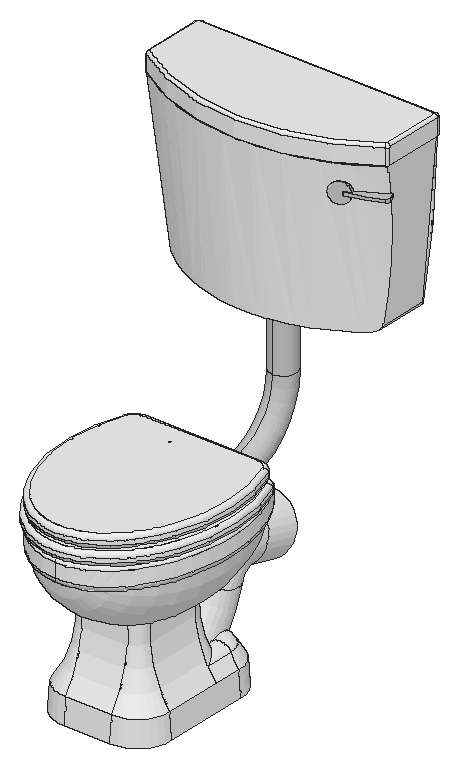
Revit family
Parameters
  Width = 430 mm  # constant formula
  Waste Connection Radius = Waste Connection Diameter / 2  # 51 mm
  Waste Connection = 1 = 1  # yes
  Vent Connection = 1 = 0  # no
  URL = "www.vaalsan.co.za"
  Seat Finish = Plastic-Vaal-White
  Product Code = "751358"
  Omniclass Title = "Water Operated Water Closets"
  Omniclass Number = "23.45.05.21.11.11"
  Model = "Junior Low Level Suite"
  Manufacturer = "Vaal Sanitaryware"  # constant formula
  Length = 570 mm  # constant formula
  Height of Pan = 305 mm  # constant formula
  Height = 825 mm  # constant formula
  HW Connection = 1 = 0  # no
  Family created by = "www.rbuiltcomponents.com"
  Cold Water Connection Diameter = 10 mm  # constant formula
  Waste Connection Diameter = 102 mm  # constant formula
  Clearance From Wall = 10 mm
  CW Connection Radius = Cold Water Connection Diameter / 2  # 5 mm
  CW Connection = 1 = 1  # yes
  Body Finish = Vitreous China-Vaal-White
  Assembly Code = "D2010110"
Reference planes
  plane 1 "Back": y = 0
  plane 2 "Bottom": z = 0
  plane 3 "Center (Left/Right)": x = 0
  plane 4 "WC Back": y = -10
  plane 5 "Right": x = 215
  plane 6 "Left": x = -215
  plane 7: y = -190
  plane 8 "Front": y = -580
  plane 9 "Top": z = 825
  plane 10 "Pan Top": z = 305
  plane 11: y = -245
  plane 12: y = -515
  plane 13: x = -100
  plane 14: x = 100
  plane 15: x = -140
  plane 16: x = 140
  plane 17 "P2": z = 285
Dimensions and locks
  "Clearance From Wall": plane 4 "WC Back" to plane 1 "Back"
  equal spacing: plane 6 "Left", plane 3 "Center (Left/Right)", plane 5 "Right"
  locked: plane 6 "Left" to plane 5 "Right" at 430
  locked: plane 7 to plane 4 "WC Back" at 180
  locked: plane 10 "Pan Top" to plane 2 "Bottom" at 305
  locked: plane 9 "Top" to plane 2 "Bottom" at 825
  plane 12 to plane 11 to plane 4 "WC Back" = 270 mm locked, 235 mm locked
  locked: plane 8 "Front" to plane 4 "WC Back" at 570
  equal spacing: plane 15, plane 3 "Center (Left/Right)", plane 16
  equal spacing: plane 13, plane 3 "Center (Left/Right)", plane 14
  locked: plane 13 to plane 14 at 200
  locked: plane 15 to plane 16 at 280
  locked: plane 10 "Pan Top" to plane 17 "P2" at 20
  locked: plane 3 "Center (Left/Right)" to connector elem at 200
  locked: connector elem to level at 450
  aligned and locked: plane 4 "WC Back" to nested 1
  aligned and locked: plane 3 "Center (Left/Right)" to nested 1
  aligned and locked: plane 2 "Bottom" to nested 1
Nested families
  nested 1: "Vaal-Junior" at (0, 0, 0), type "Vaal-Junior"
Connectors
  piping at (0, -121.584, 159.645), driven by "Waste Connection Radius"
    settings: on nested 1, index 1
  piping at (200, -10, 450), driven by "CW Connection Radius"
    settings: on nested 1, index 2
Definition of nested family "Vaal-Junior"
  Parameters
    Width = 430 mm  # constant formula
    Waste Connection Radius = Waste Connection Diameter / 2  # 51 mm
    Waste Connection = 1 = 1  # yes
    Vent Connection = 1 = 0  # no
    URL = "www.vaalsan.co.za"
    Seat Finish = Plastic-Vaal-White
    Product Code = "751358"
    Omniclass Title = "Water Operated Water Closets"
    Omniclass Number = "23.45.05.21.11.11"
    Model = "Junior Low Level Suite"
    Manufacturer = "Vaal Sanitaryware"  # constant formula
    Length = 570 mm  # constant formula
    Height of Pan = 305 mm  # constant formula
    Height = 825 mm  # constant formula
    HW Connection = 1 = 0  # no
    Family created by = "www.revitbuilt.com"
    Cold Water Connection Diameter = 10 mm  # constant formula
    Waste Connection Diameter = 102 mm  # constant formula
    Clearance From Wall = 10 mm
    CW Connection Radius = Cold Water Connection Diameter / 2  # 5 mm
    CW Connection = 1 = 1  # yes
    Body Finish = Vitreous China-Vaal-White
    Assembly Code = "D2010110"
  Reference planes
    plane 1 "Back": y = 0
    plane 2 "Bottom": z = 0
    plane 3 "Center (Left/Right)": x = 0
    plane 4 "WC Back": y = -10
    plane 5 "Right": x = 215
    plane 6 "Left": x = -215
    plane 7: y = -190
    plane 8 "Front": y = -580
    plane 9 "Top": z = 825
    plane 10 "Pan Top": z = 305
    plane 11: y = -245
    plane 12: y = -515
    plane 13: x = -100
    plane 14: x = 100
    plane 15: x = -140
    plane 16: x = 140
    plane 17 "P2": z = 285
  Forms (mm)
    Sweep 1, solid, material "Vitreous China-Vaal-White" <- "Body Finish"
      path in 3D
        loop
          line (-96.425, -235, 285) -> (0, -235, 285) -> (96.425, -235, 285)
          spline (96.425, -235, 285) -> (114.546, -265.009, 285) -> (128.169, -299.534, 285) -> (136.759, -337.218, 285) -> (139.979, -376.582, 285) -> (137.702, -416.08, 285) -> (130.018, -454.162, 285) -> (117.229, -489.331, 285) -> (99.837, -520.207, 285) -> (78.524, -545.578, 285) -> (54.128, -564.447, 285) -> (27.606, -576.073, 285) -> (0, -580, 285)
          spline (0, -580, 285) -> (-27.606, -576.073, 285) -> (-54.128, -564.447, 285) -> (-78.524, -545.578, 285) -> (-99.837, -520.207, 285) -> (-117.229, -489.331, 285) -> (-130.018, -454.162, 285) -> (-137.702, -416.08, 285) -> (-139.979, -376.582, 285) -> (-136.759, -337.218, 285) -> (-128.169, -299.534, 285) -> (-114.546, -265.009, 285) -> (-96.425, -235, 285)
      profile origin (-130.018, -454.162, 285) x (-0.963091, -0.269176, 0) y (0, 0, 1)
        loop
          line (-14.662, 20) -> (-14.662, -20) -> (-5.387, -20)
          arc (-5.387, -20) -> (1.684, -17.071) -> (4.613, -10) r 10
          line (4.613, -10) -> (4.613, 15)
          arc (4.613, 15) -> (3.149, 18.536) -> (-0.387, 20) r 5
          line (-0.387, 20) -> (-14.662, 20)
    Extrusion 2, solid, material "Vitreous China-Vaal-White" <- "Body Finish"
      sketch origin (0, -10, 0) x (1, 0, 0) y (0, 0, 1)
        loop
          arc (-210, 790) -> (-203.927, 656.049) -> (-185.757, 523.198) r 1480.263
          arc (-185.757, 523.198) -> (-182.323, 517.318) -> (-175.921, 515) r 10
          line (-175.921, 515) -> (175.921, 515)
          arc (175.921, 515) -> (182.323, 517.318) -> (185.757, 523.198) r 10
          arc (185.757, 523.198) -> (203.927, 656.049) -> (210, 790) r 1480.263
          line (210, 790) -> (-210, 790)
      from 0 to 180
    Blend 3, void
      base sketch origin (0, 0, 395.263) x (-1, 0, 0) y (0, -1, 0)
        loop
          line (-225, 200) -> (-225, 55)
          arc (-225, 55) -> (0, 175) -> (225, 55) r 270.938
          line (225, 55) -> (225, 200) -> (-225, 200)
      top sketch origin (0, 0, 395.263) x (-1, 0, 0) y (0, -1, 0)
        loop
          line (-225, 200) -> (-225, 110.118)
          arc (-225, 110.118) -> (0, 190) -> (225, 110.118) r 356.814
          line (225, 110.118) -> (225, 200) -> (-225, 200)
      from 119.737 to 394.737
    Sweep 4, void
      path in 3D
        loop
          arc (182.183, -10, 504.379) -> (203.029, -10, 646.514) -> (210, -10, 790) r 1480.263
      profile origin (203.029, -10, 646.514) x (0.995291, 0, -0.096933) y (0, 1, 0)
        loop
          line (0, 0) -> (-5, 0)
          arc (-5, 0) -> (-1.464, -1.464) -> (0, -5) r 5
          line (0, -5) -> (0, 0)
    Sweep 5, void
      path in 3D
        loop
          arc (-210, -10, 790) -> (-202.807, -10, 644.246) -> (-181.297, -10, 499.908) r 1480.263
      profile origin (-202.807, -10, 644.246) x (-0.995141, 0, -0.098465) y (0, 1, 0)
        loop
          line (0, 0) -> (-5, 0)
          arc (-5, 0) -> (-1.464, -1.464) -> (0, -5) r 5
          line (0, -5) -> (0, 0)
    Extrusion 6, solid, material "Vitreous China-Vaal-White" <- "Body Finish"
      sketch origin (0, 0, 830) x (-1, 0, 0) y (0, -1, 0)
        loop
          arc (210, 8) -> (214.947, 10.047) -> (217, 14.992) r 7
          line (217, 14.992) -> (217, 115.47)
          arc (217, 115.47) -> (216.255, 118.613) -> (214.178, 121.086) r 7
          arc (214.178, 121.086) -> (0, 192.006) -> (-214.178, 121.086) r 358.869
          arc (-214.178, 121.086) -> (-216.255, 118.613) -> (-217, 115.47) r 7
          line (-217, 115.47) -> (-217, 14.992)
          arc (-217, 14.992) -> (-214.947, 10.047) -> (-210, 8) r 7
          line (-210, 8) -> (210, 8)
      from -40 to -5
    Sweep 7, void
      path origin (0, 0, 825) x (-1, 0, 0) y (0, -1, 0)
        loop
          line (-205, 10) -> (205, 10)
          arc (205, 10) -> (208.536, 11.464) -> (210, 15) r 5
          line (210, 15) -> (210, 119.102)
          arc (210, 119.102) -> (209.448, 121.386) -> (207.913, 123.166) r 5
          arc (207.913, 123.166) -> (0, 190) -> (-207.913, 123.166) r 356.814
          arc (-207.913, 123.166) -> (-209.448, 121.386) -> (-210, 119.102) r 5
          line (-210, 119.102) -> (-210, 15)
          arc (-210, 15) -> (-208.536, 11.464) -> (-205, 10) r 5
      profile origin (0, -10, 825) x (0, -1, 0) y (0, 0, 1)
        loop
          line (-1.688, -33) -> (-1.688, -5)
          arc (-1.688, -5) -> (-0.223, -1.464) -> (3.312, 0) r 5
          line (3.312, 0) -> (-10, 0) -> (-10, -35) -> (0.312, -35) -> (0.312, -33) -> (-1.688, -33)
    Sweep 8, solid, material "Vitreous China-Vaal-White" <- "Body Finish"
      path origin (0, 0, 0) x (0, 1, 0) y (0, 0, 1)
        loop
          line (-121.584, 159.645) -> (-182.805, 175.5)
          arc (-182.805, 175.5) -> (-228.535, 169.088) -> (-256.338, 132.218) r 60.334
          arc (-256.338, 132.218) -> (-279.491, 82.174) -> (-318.784, 43.488) r 154.064
      profile origin (0, -152.194, 167.572) x (0, -0.250703, -0.968064) y (1, 0, 0)
        loop
          circle (0, 0) r 50
    Extrusion 9, solid, material "Vitreous China-Vaal-White" <- "Body Finish"
      sketch origin (0, 0, 0) x (0, 1, 0) y (0, 0, 1)
        loop
          line (-361.959, 222.126) -> (-361.959, 43.488) -> (-250, 43.488) -> (-219.979, 222.126) -> (-361.959, 222.126)
      from 15 to -15
    Extrusion 10, solid, material "Chrome"
      sketch origin (105.789, -168.571, 412.5) x (0.912731, 0.40856, 0) y (0, 0, 1)
        loop
          circle (48.924, 332.063) r 17.5
      from 8 to 0
    Extrusion 11, solid, material "Chrome"
      sketch origin (107.5, -167.805, 400) x (0.912731, 0.40856, 0) y (-0.40856, 0.912731, 0)
        loop
          line (51.578, -3) -> (51.578, -8.361)
          arc (51.578, -8.361) -> (52.033, -9.631) -> (53.191, -10.323) r 2
          arc (53.191, -10.323) -> (83.581, -14.517) -> (114.251, -15.211) r 268.051
          arc (114.251, -15.211) -> (117.674, -13.688) -> (119.078, -10.214) r 5
          line (119.078, -10.214) -> (119.078, 0.591)
          arc (119.078, 0.591) -> (118.43, 2.065) -> (116.907, 2.584) r 2
          line (116.907, 2.584) -> (51.578, -3)
      from 347.5 to 342.5
    Revolve 12, solid, material "Vitreous China-Vaal-White" <- "Body Finish"
      sketch origin (0, 0, 285) x (0, -1, 0) y (1, 0, 0)
        loop
          line (235, 0) -> (235, -96.425)
          spline (235, -96.425) -> (265.009, -114.546) -> (299.534, -128.169) -> (337.218, -136.759) -> (376.582, -139.98) -> (416.08, -137.703) -> (454.162, -130.019) -> (489.331, -117.23) -> (520.208, -99.837) -> (545.578, -78.524) -> (564.447, -54.128) -> (576.073, -27.606) -> (580, 0)
          line (580, 0) -> (235, 0)
        axis (235, 0) -> (580, 0)
      angle from 0 to 180
    Sweep 13, solid, material "Vitreous China-Vaal-White" <- "Body Finish"
      path origin (0, 0, 305) x (-1, 0, 0) y (0, -1, 0)
        loop
          line (100, 355) -> (100, 305)
          arc (100, 305) -> (82.426, 262.574) -> (40, 245) r 60
          line (40, 245) -> (-40, 245)
          arc (-40, 245) -> (-82.426, 262.574) -> (-100, 305) r 60
          line (-100, 305) -> (-100, 355)
      profile origin (-100, -330, 305) x (-1, 0, 0) y (0, 0, 1)
        loop
          line (0, -305) -> (-3.041, -261.512)
          arc (-3.041, -261.512) -> (-10.546, -250.718) -> (-17.242, -239.405) r 179.826
          arc (-17.242, -239.405) -> (-36.121, -228.179) -> (-55, -239.405) r 21.488
          line (-55, -239.405) -> (-55, -305) -> (0, -305)
    Sweep 14, solid, material "Vitreous China-Vaal-White" <- "Body Finish"
      path origin (0, 0, 305) x (-1, 0, 0) y (0, -1, 0)
        loop
          arc (100, 455) -> (82.426, 497.426) -> (40, 515) r 60
          line (40, 515) -> (-40, 515)
          arc (-40, 515) -> (-82.426, 497.426) -> (-100, 455) r 60
          line (-100, 455) -> (-100, 355)
          arc (-100, 355) -> (-82.426, 312.574) -> (-40, 295) r 60
          line (-40, 295) -> (40, 295)
          arc (40, 295) -> (82.426, 312.574) -> (100, 355) r 60
          line (100, 355) -> (100, 455)
      profile origin (-100, -405, 305) x (-1, 0, 0) y (0, 0, 1)
        loop
          line (0, -305) -> (-3.041, -261.512)
          arc (-3.041, -261.512) -> (-37.159, -179.691) -> (-28.041, -91.512) r 179.826
          line (-28.041, -91.512) -> (-48.041, -91.512) -> (-48.041, -305) -> (0, -305)
    Extrusion 15, void
      sketch origin (0, 0, 0) x (0, 1, 0) y (0, 0, 1)
        loop
          line (-288.757, 233.199) -> (-304.148, 152.536) -> (-226.975, 152.536) -> (-226.975, 233.199) -> (-288.757, 233.199)
      from -115 to 115
    Revolve 16, solid, material "Vitreous China-Vaal-White" <- "Body Finish"
      sketch origin (0, 0, -8.354) x (0, 1, 0) y (0, 0, 1)
        loop
          line (-245, 276.137) -> (-245, 238.92) -> (-225, 238.92)
          arc (-225, 238.92) -> (-221.464, 240.384) -> (-220, 243.92) r 5
          line (-220, 243.92) -> (-220, 245.582) -> (-207, 245.582)
          arc (-207, 245.582) -> (-202.05, 247.632) -> (-200, 252.582) r 7
          line (-200, 252.582) -> (-200, 276.137) -> (-245, 276.137)
        axis (-200, 276.137) -> (-245, 276.137)
      angle from 0 to 360
    Sweep 17, solid, material "Chrome"
      path origin (0, 0, 0) x (0, 1, 0) y (0, 0, 1)
        loop
          arc (-204.58, 267.783) -> (-121.142, 302.344) -> (-86.58, 385.783) r 118
          line (-86.58, 385.783) -> (-86.58, 515.783)
      profile origin (0, -86.58, 450.783) x (0, -1, 0) y (1, 0, 0)
        loop
          circle (0, 0) r 22.536
    Extrusion 18, solid, material "Chrome"
      sketch origin (0, -22.632, 305) x (-1, 0, 0) y (0, -1, 0)
        loop
          line (-30, 64.044) -> (-21.213, 42.831) -> (0, 34.044) -> (21.213, 42.831) -> (30, 64.044) -> (21.213, 85.258) -> (0, 94.044) -> (-21.213, 85.258) -> (-30, 64.044)
      from 210 to 197.5
    Extrusion 19, solid, material "Chrome"
      sketch origin (0, -22.632, 305) x (-1, 0, 0) y (0, -1, 0)
        loop
          line (-26.753, 64.044) -> (-18.917, 45.127) -> (0, 37.292) -> (18.917, 45.127) -> (26.753, 64.044) -> (18.917, 82.962) -> (0, 90.797) -> (-18.917, 82.962) -> (-26.753, 64.044)
      from 197.5 to 185.242
    Extrusion 20, solid, material "Plastic-Vaal-White" <- "Seat Finish"
      sketch origin (0, -75, 305) x (-1, 0, 0) y (0, -1, 0)
        loop
          spline (115.897, 205) -> (132.647, 268.762) -> (133.174, 336.956) -> (117.412, 401.242) -> (87.287, 453.754) -> (46.486, 488.072) -> (0, 500) -> (-46.486, 488.072) -> (-87.287, 453.754) -> (-117.412, 401.242) -> (-133.174, 336.956) -> (-132.647, 268.762) -> (-115.897, 205)
          arc (-115.897, 205) -> (-110.168, 197.885) -> (-101.5, 195) r 16.202
          line (-101.5, 195) -> (101.5, 195)
          arc (101.5, 195) -> (110.168, 197.885) -> (115.897, 205) r 16.202
      from 30 to 50
    Extrusion 21, solid, material "Plastic-Vaal-White" <- "Seat Finish"
      sketch origin (0, -75, 280) x (-1, 0, 0) y (0, -1, 0)
        loop
          spline (119.154, 200) -> (137.241, 265.502) -> (138.318, 335.9) -> (122.25, 402.468) -> (91.026, 456.952) -> (48.52, 492.602) -> (0, 505) -> (-48.52, 492.602) -> (-91.026, 456.952) -> (-122.25, 402.468) -> (-138.318, 335.9) -> (-137.241, 265.502) -> (-119.154, 200)
          arc (-119.154, 200) -> (-113.069, 192.739) -> (-104, 190) r 16.568
          line (-104, 190) -> (104, 190)
          arc (104, 190) -> (113.069, 192.739) -> (119.154, 200) r 16.568
      from 30 to 50
    Sweep 22, solid, material "Plastic-Vaal-White" <- "Seat Finish"
      path origin (0, 0, 305) x (-1, 0, 0) y (0, -1, 0)
        loop
          spline (119.154, 275) -> (137.243, 340.502) -> (138.319, 410.9) -> (122.25, 477.468) -> (91.027, 531.954) -> (48.521, 567.604) -> (0, 580) -> (-48.521, 567.604) -> (-91.027, 531.954) -> (-122.25, 477.468) -> (-138.319, 410.9) -> (-137.243, 340.502) -> (-119.154, 275)
          arc (-119.154, 275) -> (-113.069, 267.739) -> (-104, 265) r 16.568
          line (-104, 265) -> (104, 265)
          arc (104, 265) -> (113.069, 267.739) -> (119.154, 275) r 16.568
      profile origin (0, -580, 305) x (0, 1, 0) y (0, 0, 1)
        loop
          line (0, 25) -> (-2.5, 25)
          arc (-2.5, 25) -> (-7.803, 22.803) -> (-10, 17.5) r 7.5
          line (-10, 17.5) -> (-10, 10)
          arc (-10, 10) -> (-8.536, 6.464) -> (-5, 5) r 5
          line (-5, 5) -> (0, 5) -> (0, 25)
    Sweep 23, solid, material "Plastic-Vaal-White" <- "Seat Finish"
      path origin (0, 0, 305) x (-1, 0, 0) y (0, -1, 0)
        loop
          spline (115.897, 280) -> (132.648, 343.762) -> (133.175, 411.956) -> (117.412, 476.242) -> (87.288, 528.756) -> (46.487, 563.074) -> (0, 575) -> (-46.487, 563.074) -> (-87.288, 528.756) -> (-117.412, 476.242) -> (-133.175, 411.956) -> (-132.648, 343.762) -> (-115.897, 280)
          arc (-115.897, 280) -> (-110.168, 272.885) -> (-101.5, 270) r 16.202
          line (-101.5, 270) -> (101.5, 270)
          arc (101.5, 270) -> (110.168, 272.885) -> (115.897, 280) r 16.202
      profile origin (0, -575, 305) x (0, 1, 0) y (0, 0, 1)
        loop
          line (0, 50) -> (-2.5, 50)
          arc (-2.5, 50) -> (-7.803, 47.803) -> (-10, 42.5) r 7.5
          line (-10, 42.5) -> (-10, 35)
          arc (-10, 35) -> (-8.536, 31.464) -> (-5, 30) r 5
          line (-5, 30) -> (0, 30) -> (0, 50)
    Extrusion 24, solid, material "Plastic-Vaal-White" <- "Seat Finish"
      sketch origin (0, -7.5, -8.75) x (0, 1, 0) y (0, 0, 1)
        loop
          circle (-237.604, 332.232) r 7.5
      from 70 to -70
    Extrusion 25, solid, material "Vitreous China-Vaal-White" <- "Body Finish"
      sketch origin (0, 0, 305) x (-1, 0, 0) y (0, -1, 0)
        loop
          spline (0, 565.338) -> (-23.105, 562.112) -> (-45.726, 552.376) -> (-67.123, 536.193) -> (-86.36, 513.887) -> (-102.502, 486.213) -> (-114.74, 454.219) -> (-122.468, 419.195) -> (-125.324, 382.573) -> (-123.166, 345.843) -> (-116.095, 310.511) -> (-104.458, 278.012) -> (-88.816, 249.662)
          line (-88.816, 249.662) -> (88.816, 249.662)
          spline (88.816, 249.662) -> (104.458, 278.012) -> (116.095, 310.511) -> (123.166, 345.843) -> (125.324, 382.573) -> (122.468, 419.195) -> (114.74, 454.219) -> (102.502, 486.213) -> (86.36, 513.887) -> (67.123, 536.193) -> (45.726, 552.376) -> (23.105, 562.112) -> (0, 565.338)
      from 0 to -20
    Extrusion 26, solid, material "Plastic-Vaal-White" <- "Seat Finish"
      sketch origin (0, 0, 0) x (0, 1, 0) y (0, 0, 1)
        loop
          line (-251.329, 326.48) -> (-248.854, 328.955) -> (-260.168, 340.269) -> (-262.643, 337.794) -> (-251.329, 326.48)
        loop
          line (-248.25, 305) -> (-241.75, 305) -> (-241.75, 317) -> (-248.25, 317) -> (-248.25, 305)
        loop
          line (-251.329, 321.48) -> (-251.329, 324.98) -> (-256.699, 324.98) -> (-256.699, 321.48) -> (-251.329, 321.48)
      from 65 to -65
  Cuts and joins
    Extrusion 15 cuts Revolve 12
    joined: Sweep 1, Sweep 8, Extrusion 9, Revolve 12, Sweep 13, Sweep 14, Extrusion 25
    joined: Extrusion 10, Extrusion 11
    Blend 3, Sweep 4, Sweep 5 cuts Extrusion 2
    Sweep 7 cuts Extrusion 6
    joined: Extrusion 21, Sweep 22
    joined: Extrusion 20, Sweep 23, Extrusion 24, Extrusion 26
  Lines and regions (mm)
    Masking region 1
      outline origin (0, 0, 0) x (1, 0, 0) y (0, 1, 0)
        loop
          line (-215, -10) -> (-215, -117.008)
          arc (-215, -117.008) -> (-124.103, -167.267) -> (-22.536, -189) r 354.226
          line (-22.536, -189) -> (-22.536, -200.018)
          arc (-22.536, -200.018) -> (-27.805, -201.877) -> (-30.036, -207) r 7
          line (-30.036, -207) -> (-30.036, -220.018)
          arc (-30.036, -220.018) -> (-35.305, -221.877) -> (-37.536, -227) r 7
          line (-37.536, -227) -> (-37.536, -230) -> (-100.685, -230)
          spline (-100.685, -230) -> (-119.295, -260.883) -> (-132.623, -294.354) -> (-141.071, -329.347) -> (-144.921, -365.08) -> (-144.309, -401.015) -> (-139.211, -436.608) -> (-129.478, -471.196) -> (-114.743, -504.095) -> (-94.519, -534.133) -> (-68.31, -559.427) -> (-36.001, -577.154) -> (-0.124, -583.522)
          spline (-0.124, -583.522) -> (35.786, -577.224) -> (68.099, -559.572) -> (94.408, -534.265) -> (114.651, -504.255) -> (129.412, -471.386) -> (139.184, -436.733) -> (144.301, -401.104) -> (144.925, -365.168) -> (141.08, -329.399) -> (132.64, -294.409) -> (119.338, -260.963) -> (100.686, -230)
          line (100.686, -230) -> (37.536, -230) -> (37.536, -227)
          arc (37.536, -227) -> (35.305, -221.877) -> (30.036, -220.018) r 7
          line (30.036, -220.018) -> (30.036, -207)
          arc (30.036, -207) -> (27.805, -201.877) -> (22.536, -200.018) r 7
          line (22.536, -200.018) -> (22.536, -189.431)
          arc (22.536, -189.431) -> (124.087, -167.732) -> (215, -117.549) r 354.656
          line (215, -117.549) -> (215, -10) -> (-215, -10)
    Masking region 2
      outline origin (0, -10, 0) x (1, 0, 0) y (0, 0, 1)
        loop
          arc (-215.012, 825) -> (-207.926, 669.175) -> (-184.231, 515) r 1457.783
          line (-184.231, 515) -> (-29.829, 515) -> (-29.829, 502.5) -> (-26.582, 502.5) -> (-26.582, 490.242) -> (-22.5, 490.242) -> (-22.5, 350) -> (-145, 350) -> (-145, 270)
          arc (-145, 270) -> (-142.929, 265) -> (-137.929, 262.929) r 7.071
          arc (-137.929, 262.929) -> (-114.774, 205.39) -> (-71.125, 161.325) r 156.847
          arc (-71.125, 161.325) -> (-64.93, 154.684) -> (-62.311, 145.989) r 20
          arc (-62.311, 145.989) -> (-69.524, 91.321) -> (-96.959, 43.488) r 142.449
          line (-96.959, 43.488) -> (-100, 0) -> (100, 0) -> (96.959, 43.488)
          arc (96.959, 43.488) -> (69.524, 91.321) -> (62.311, 145.989) r 142.449
          arc (62.311, 145.989) -> (64.93, 154.684) -> (71.125, 161.325) r 20
          arc (71.125, 161.325) -> (114.774, 205.39) -> (137.929, 262.929) r 156.847
          arc (137.929, 262.929) -> (142.929, 265) -> (145, 270) r 7.071
          line (145, 270) -> (145, 350) -> (22.5, 350) -> (22.5, 490.242) -> (26.582, 490.242) -> (26.582, 502.5) -> (29.829, 502.5) -> (29.829, 515) -> (184.231, 515)
          arc (184.231, 515) -> (207.926, 669.175) -> (215.012, 825) r 1457.783
          line (215.012, 825) -> (-215.012, 825)
    Masking region 3
      outline origin (0, 0, 0) x (0, 1, 0) y (0, 0, 1)
        loop
          line (-10, 825) -> (-190, 825) -> (-190, 799.948) -> (-175.892, 515) -> (-116.677, 515) -> (-116.677, 502.5) -> (-113.43, 502.5) -> (-113.43, 490.242) -> (-109.348, 490.242) -> (-109.348, 380.656)
          arc (-109.348, 380.656) -> (-136.019, 316.266) -> (-200.409, 289.595) r 91.061
          line (-200.409, 289.595) -> (-200.409, 296.666) -> (-220, 296.666) -> (-220, 305) -> (-245, 305) -> (-245, 350) -> (-585, 350) -> (-585, 275)
          arc (-585, 275) -> (-583.536, 271.464) -> (-580, 270) r 5
          arc (-580, 270) -> (-541.496, 207.408) -> (-486.751, 158.385) r 255.164
          arc (-486.751, 158.385) -> (-480.229, 151.256) -> (-477.809, 141.902) r 20
          arc (-477.809, 141.902) -> (-486.358, 89.737) -> (-511.959, 43.488) r 154.812
          line (-511.959, 43.488) -> (-515, 0) -> (-245, 0) -> (-248.041, 43.488)
          arc (-248.041, 43.488) -> (-223.15, 76.784) -> (-207.617, 115.344) r 160.933
          arc (-207.617, 115.344) -> (-200.956, 124.177) -> (-190, 125.713) r 14.455
          line (-190, 125.713) -> (-134.119, 111.242) -> (-109.048, 208.048) -> (-167.132, 223.09)
          arc (-167.132, 223.09) -> (-178.478, 225.438) -> (-190, 226.656) r 117.391
          line (-190, 226.656) -> (-220, 226.656) -> (-220, 237.524) -> (-200.409, 237.524) -> (-200.409, 244.595)
          arc (-200.409, 244.595) -> (-104.199, 284.447) -> (-64.348, 380.656) r 136.061
          line (-64.348, 380.656) -> (-64.348, 490.242) -> (-60.265, 490.242) -> (-60.265, 502.5) -> (-57.018, 502.5) -> (-57.018, 515) -> (-10, 515) -> (-10, 825)
    symbolic lines, style "Water Closet"
      curve 1: line (-37.536, -230, 0) -> (37.536, -230, 0)
      curve 2: line (-29.829, -10, 515) -> (29.829, -10, 515)
      curve 5: line (0, -245, 305) -> (0, -585, 305)
      curve 21: arc (-22.466, -189.005, 400) -> (-0.004, -189.718, 400) -> (22.459, -189.005, 400) r 354.226
      curve 22: line (-22.5, -10, 350) -> (22.5, -10, 350)
      curve 24: line (-145, -10, 305) -> (145, -10, 305)
    symbolic lines, style "Water Closet", detail levels fine
      curve 3: line (-145, -10, 327.5) -> (145, -10, 327.5)
      curve 4: line (214.075, -10, 790) -> (-214.193, -10, 790)
      curve 6: line (0, -10, 790) -> (0, -190, 790)
      curve 7: line (0, -245, 327.5) -> (0, -585, 327.5)
      curve 8: line (0, -116.677, 515) -> (0, -57.018, 515)
      curve 25: line (-96.959, -10, 43.488) -> (96.959, -10, 43.488)
      curve 26: line (0, -248.041, 43.488) -> (0, -511.959, 43.488)
    symbolic lines, detail levels fine
      curve 9: spline (169.458, 0, 747.5) -> (168.32, 0, 751.641) -> (166.289, 0, 755.349) -> (163.491, 0, 758.399) -> (160.096, 0, 760.604) -> (156.31, 0, 761.83) -> (152.366, 0, 762.001) -> (148.504, 0, 761.107) -> (144.961, 0, 759.203) -> (141.951, 0, 756.405) -> (139.66, 0, 752.884) -> (138.226, 0, 748.855) -> (137.739, 0, 744.563)
      curve 10: spline (137.739, 0, 744.563) -> (138.243, 0, 740.201) -> (139.724, 0, 736.113) -> (142.088, 0, 732.56) -> (145.186, 0, 729.764) -> (148.823, 0, 727.903) -> (152.768, 0, 727.094) -> (156.773, 0, 727.388) -> (160.584, 0, 728.766) -> (163.962, 0, 731.142) -> (166.692, 0, 734.366) -> (168.603, 0, 738.233) -> (169.573, 0, 742.5)
      curve 11: line (220.795, 0, 747.5) -> (157.845, 0, 747.5)
      curve 12: line (157.845, 0, 742.5) -> (220.795, 0, 742.5)
      curve 13: line (220.795, 0, 747.5) -> (220.795, 0, 742.5)
      curve 14: line (157.845, 0, 747.5) -> (157.845, 0, 742.5)
      curve 23: arc (-49.238, 0, 152.099) -> (0.762, 0, 140.117) -> (50.762, 0, 152.099) r 110.313
      curve 27: line (0, -245, 230.566) -> (0, -245, 233.199)
      curve 28: line (0, -245, 233.199) -> (0, -288.757, 233.199)
      curve 29: line (0, -288.757, 233.199) -> (0, -314.158, 131.318)
      curve 30: arc (0, -314.158, 131.318) -> (0, -312.168, 127.291) -> (0, -307.871, 128.597) r 3.472
      curve 31: arc (0, -307.871, 128.597) -> (0, -276.601, 188.976) -> (0, -220, 226.656) r 135.931
      curve 32: line (0, -245, 230.566) -> (0, -220, 230.566)
      curve 33: line (0, -200.409, 289.595) -> (0, -200.409, 244.595)
      curve 34: line (0, -109.348, 490.242) -> (0, -64.348, 490.242)
      curve 35: line (-22.5, 0, 490.242) -> (22.5, 0, 490.242)
    sketch lines
      curve 15: spline (0, -580, 285) -> (-27.606, -576.073, 285) -> (-54.128, -564.447, 285) -> (-78.524, -545.578, 285) -> (-99.837, -520.207, 285) -> (-117.229, -489.331, 285) -> (-130.018, -454.162, 285) -> (-137.702, -416.08, 285) -> (-139.979, -376.582, 285) -> (-136.759, -337.218, 285) -> (-128.169, -299.534, 285) -> (-114.546, -265.009, 285) -> (-96.425, -235, 285)
      curve 16: spline (96.425, -235, 285) -> (114.546, -265.009, 285) -> (128.169, -299.534, 285) -> (136.759, -337.218, 285) -> (139.979, -376.582, 285) -> (137.702, -416.08, 285) -> (130.018, -454.162, 285) -> (117.229, -489.331, 285) -> (99.837, -520.207, 285) -> (78.524, -545.578, 285) -> (54.128, -564.447, 285) -> (27.606, -576.073, 285) -> (0, -580, 285)
      curve 17: arc (182.183, -10, 504.379) -> (203.029, -10, 646.514) -> (210, -10, 790) r 1480.263
      curve 18: arc (-210, -10, 790) -> (-202.807, -10, 644.246) -> (-181.297, -10, 499.908) r 1480.263
      curve 19: line (0, -235, 285) -> (-96.425, -235, 285)
      curve 20: line (96.425, -235, 285) -> (0, -235, 285)
  Dimensions and locks
    "Clearance From Wall": plane 4 "WC Back" to plane 1 "Back"
    equal spacing: plane 6 "Left", plane 3 "Center (Left/Right)", plane 5 "Right"
    locked: plane 6 "Left" to plane 5 "Right" at 430
    locked: plane 7 to plane 4 "WC Back" at 180
    locked: plane 10 "Pan Top" to plane 2 "Bottom" at 305
    locked: plane 9 "Top" to plane 2 "Bottom" at 825
    plane 12 to plane 11 to plane 4 "WC Back" = 270 mm locked, 235 mm locked
    locked: plane 8 "Front" to plane 4 "WC Back" at 570
    equal spacing: plane 15, plane 3 "Center (Left/Right)", plane 16
    equal spacing: plane 13, plane 3 "Center (Left/Right)", plane 14
    locked: plane 13 to plane 14 at 200
    locked: plane 15 to plane 16 at 280
    locked: plane 10 "Pan Top" to plane 17 "P2" at 20
    Revolve 16 sketch curve to Revolve 16 sketch curve = 6.662 mm
    aligned and locked: plane 4 "WC Back" to Masking region 1 sketch curve
    aligned and locked: plane 4 "WC Back" to Masking region 3 sketch curve
    aligned and locked: Masking region 3 to curve 5  (x2)
    aligned and locked: Masking region 2 to curve 3  (x2)
    aligned and locked: curve 11 to cut or joined group of Extrusion 10, Extrusion 11
    aligned and locked: curve 12 to cut or joined group of Extrusion 10, Extrusion 11
    aligned and locked: Blend 3 to Extrusion 2
    aligned and locked: Extrusion 2 to Blend 3
    aligned and locked: Extrusion 6 to cut or joined group of Extrusion 2, Blend 3, Sweep 4, Sweep 5
    aligned and locked: plane 9 "Top" to Extrusion 6
    aligned and locked: plane 11 to Revolve 16 sketch curve
    aligned and locked: Extrusion 25 to cut or joined group of Sweep 1, Sweep 8, Extrusion 9, Revolve 12, Sweep 13, Sweep 14, Extrusion 15, Extrusion 25
    aligned and locked: plane 10 "Pan Top" to Extrusion 25
    aligned and locked: curve 1 to Masking region 1  (x2)
    aligned and locked: Masking region 1 to curve 1
    aligned and locked: plane 13 to Masking region 2 sketch curve
    aligned and locked: plane 14 to Masking region 2 sketch curve
    aligned and locked: Masking region 2 sketch curve to plane 9 "Top"
    aligned and locked: cut or joined group of Extrusion 2, Blend 3, Sweep 4, Sweep 5 to curve 2
    aligned and locked: Masking region 2 to curve 24  (x2)
    aligned and locked: curve 24 to plane 10 "Pan Top"
    aligned and locked: plane 9 "Top" to Masking region 3 sketch curve
    aligned and locked: plane 11 to Masking region 3 sketch curve
    aligned and locked: Masking region 3 to curve 7
    aligned and locked: plane 10 "Pan Top" to curve 5
    aligned and locked: cut or joined group of Extrusion 2, Blend 3, Sweep 4, Sweep 5 to curve 8
    aligned and locked: curve 8 to Masking region 3
    aligned and locked: Masking region 3 to curve 8
    aligned and locked: curve 2 to Masking region 2
    aligned and locked: Masking region 2 to curve 2
    aligned and locked: curve 26 to cut or joined group of Sweep 1, Sweep 8, Extrusion 9, Revolve 12, Sweep 13, Sweep 14, Extrusion 15, Extrusion 25  (x2)
  Automatic sketch dimensions
    Blend 3 sketch curve to plane 3 "Center (Left/Right)" = 0 mm  (x2)
    plane 5 "Right" to Blend 3 sketch curve = 10 mm  (x2)
    Blend 3 sketch curve to plane 6 "Left" = 10 mm  (x2)
    Blend 3 sketch curve to plane 1 "Back" = 95.938 mm
    plane 4 "WC Back" to Blend 3 sketch curve = 45 mm
    plane 7 to Blend 3 sketch curve = 10 mm  (x2)
    Blend 3 sketch curve to plane 1 "Back" = 166.814 mm
    Blend 3 sketch curve to plane 7 = 79.882 mm
    Extrusion 6 sketch curve to plane 3 "Center (Left/Right)" = 0 mm
    Extrusion 6 sketch curve to plane 4 "WC Back" = 2 mm  (x2)
    Extrusion 6 sketch curve to plane 5 "Right" = 5 mm  (x3)
    Extrusion 6 sketch curve to Extrusion 6 sketch curve = 0 mm  (x5)
    Extrusion 6 sketch curve to plane 5 "Right" = 0.822 mm
    plane 5 "Right" to Extrusion 6 sketch curve = 2 mm
    plane 6 "Left" to Extrusion 6 sketch curve = 5 mm  (x3)
    plane 6 "Left" to Extrusion 6 sketch curve = 0.822 mm
    Extrusion 6 sketch curve to plane 1 "Back" = 166.863 mm
    plane 4 "WC Back" to Extrusion 6 sketch curve = 4.992 mm  (x2)
    Sweep 7 sketch curve to plane 4 "WC Back" = 0 mm
    Sweep 7 sketch curve to plane 3 "Center (Left/Right)" = 0 mm
    plane 4 "WC Back" to Sweep 7 sketch curve = 5 mm
    Sweep 7 sketch curve to plane 5 "Right" = 10 mm
    Sweep 7 sketch curve to Sweep 7 sketch curve = 5 mm
    Sweep 7 sketch curve to Sweep 7 sketch curve = 2.087 mm
    Sweep 7 sketch curve to Sweep 7 sketch curve = 0 mm  (x3)
    plane 6 "Left" to Sweep 7 sketch curve = 10 mm  (x2)
    Sweep 7 sketch curve to Sweep 7 sketch curve = 2.913 mm
    Sweep 7 sketch curve to plane 1 "Back" = 166.814 mm
    Sweep 7 sketch curve to profile plane = 0 mm  (x2)
    profile plane to Sweep 7 sketch curve = 10 mm
    profile plane to Sweep 7 sketch curve = 1.688 mm
    Sweep 7 sketch curve to profile plane = 0.312 mm
    Sweep 7 sketch curve to profile plane = 3.312 mm
    Sweep 7 sketch curve to Sweep 7 sketch curve = 28 mm
    Sweep 7 sketch curve to Sweep 7 sketch curve = 2 mm
    Sweep 8 sketch curve to plane 12 = 109.518 mm
    level to Sweep 8 sketch curve = 43.488 mm
    plane 11 to Sweep 8 sketch curve = 73.784 mm
    plane 11 to Sweep 8 sketch curve = 11.338 mm
    Sweep 8 sketch curve to Sweep 8 sketch curve = 0 mm
    plane 7 to Sweep 8 sketch curve = 7.931 mm
    Sweep 8 sketch curve to plane 7 = 7.195 mm
    Sweep 8 sketch curve to Sweep 8 sketch curve = 61.222 mm
    level to Sweep 8 sketch curve = 117.093 mm
    Sweep 8 sketch curve to Sweep 8 sketch curve = 15.855 mm
    Sweep 8 sketch curve to plane 3 "Center (Left/Right)" = 0 mm
    Sweep 8 sketch curve to profile plane = 0 mm
    level to Extrusion 9 sketch curve = 43.488 mm
    plane 11 to Extrusion 9 sketch curve = 116.959 mm
    plane 11 to Extrusion 9 sketch curve = 5 mm
    Extrusion 9 sketch curve to plane 11 = 25.021 mm
    Extrusion 9 sketch curve to plane 17 "P2" = 62.874 mm
    Extrusion 11 sketch curve to Extrusion 11 sketch curve = 1.614 mm
    Extrusion 11 sketch curve to Extrusion 11 sketch curve = 0 mm  (x2)
    Extrusion 11 sketch curve to Extrusion 11 sketch curve = 0.386 mm
    Extrusion 11 sketch curve to Extrusion 11 sketch curve = 0.173 mm
    Extrusion 11 sketch curve to Extrusion 11 sketch curve = 2.17 mm
    Extrusion 11 sketch curve to Extrusion 11 sketch curve = 2 mm
    Sweep 13 sketch curve to plane 14 = 0 mm
    Sweep 13 sketch curve to plane 11 = 0 mm
    Sweep 13 sketch curve to plane 13 = 0 mm
    plane 3 "Center (Left/Right)" to Sweep 13 sketch curve = 40 mm
    Sweep 13 sketch curve to plane 3 "Center (Left/Right)" = 40 mm
    Sweep 13 sketch curve to Sweep 13 sketch curve = 50 mm  (x2)
    Sweep 14 sketch curve to plane 14 = 0 mm
    Sweep 14 sketch curve to plane 12 = 0 mm
    Sweep 14 sketch curve to plane 13 = 0 mm
    plane 3 "Center (Left/Right)" to Sweep 14 sketch curve = 40 mm  (x2)
    Sweep 14 sketch curve to plane 3 "Center (Left/Right)" = 40 mm  (x2)
    Sweep 14 sketch curve to Sweep 14 sketch curve = 100 mm
    plane 11 to Extrusion 15 sketch curve = 59.148 mm
    plane 11 to Extrusion 15 sketch curve = 43.757 mm
    Extrusion 15 sketch curve to plane 11 = 18.025 mm
    Extrusion 15 sketch curve to plane 17 "P2" = 132.464 mm
    Extrusion 15 sketch curve to plane 17 "P2" = 51.801 mm
    Revolve 16 sketch curve to plane 11 = 0 mm
    Revolve 16 sketch curve to plane 11 = 20 mm
    Revolve 16 sketch curve to Revolve 16 sketch curve = 5 mm
    Revolve 16 sketch curve to Revolve 16 sketch curve = 13 mm
    plane 7 to Revolve 16 sketch curve = 10 mm
    Revolve 16 sketch curve to Revolve 16 sketch curve = 0 mm  (x2)
    Revolve 16 sketch curve to plane 17 "P2" = 54.434 mm
    Revolve 16 sketch curve to plane 17 "P2" = 17.217 mm
    plane 7 to Sweep 17 sketch curve = 14.58 mm
    plane 4 "WC Back" to Sweep 17 sketch curve = 76.58 mm
    Sweep 17 sketch curve to plane 17 "P2" = 17.217 mm
    Sweep 17 sketch curve to Sweep 17 sketch curve = 130 mm
    Sweep 17 sketch curve to plane 3 "Center (Left/Right)" = 0 mm
    Sweep 17 sketch curve to profile plane = 0 mm
    Extrusion 19 sketch curve to plane 3 "Center (Left/Right)" = 0 mm  (x2)
    plane 3 "Center (Left/Right)" to Extrusion 19 sketch curve = 18.917 mm  (x2)
    Extrusion 19 sketch curve to Extrusion 19 sketch curve = 7.836 mm  (x5)
    Extrusion 19 sketch curve to plane 3 "Center (Left/Right)" = 18.917 mm  (x2)
    plane 4 "WC Back" to Extrusion 19 sketch curve = 49.924 mm
    Extrusion 19 sketch curve to Extrusion 19 sketch curve = 18.917 mm  (x4)
    Extrusion 25 sketch curve to plane 3 "Center (Left/Right)" = 0 mm
    Extrusion 25 sketch curve to plane 14 = 11.184 mm
    plane 11 to Extrusion 25 sketch curve = 4.662 mm
    plane 13 to Extrusion 25 sketch curve = 11.184 mm
    Extrusion 25 sketch curve to plane 8 "Front" = 14.662 mm
    Sweep 22 sketch curve to plane 3 "Center (Left/Right)" = 0 mm
    plane 14 to Sweep 22 sketch curve = 3.944 mm
    plane 14 to Sweep 22 sketch curve = 4 mm
    Sweep 22 sketch curve to plane 13 = 3.944 mm
    Sweep 22 sketch curve to plane 13 = 4 mm
    Sweep 22 sketch curve to plane 7 = 10 mm
    plane 11 to Sweep 22 sketch curve = 135 mm
    Sweep 22 sketch curve to Sweep 22 sketch curve = 15.21 mm  (x2)
    plane 11 to Sweep 22 sketch curve = 20 mm
    Sweep 22 sketch curve to Sweep 22 sketch curve = 10 mm
    plane 14 to Extrusion 21 sketch curve = 19.154 mm
    Extrusion 21 sketch curve to plane 13 = 3.944 mm
    Extrusion 21 sketch curve to plane 13 = 4 mm
    Extrusion 21 sketch curve to Extrusion 21 sketch curve = 15.21 mm
    plane 11 to Extrusion 21 sketch curve = 20 mm
    plane 14 to Extrusion 21 sketch curve = 4 mm
    Extrusion 21 sketch curve to Extrusion 21 sketch curve = 10 mm
    plane 14 to Extrusion 21 sketch curve = 3.944 mm
    Sweep 23 sketch curve to plane 3 "Center (Left/Right)" = 0 mm
    plane 14 to Sweep 23 sketch curve = 0.925 mm
    plane 14 to Sweep 23 sketch curve = 1.5 mm
    Sweep 23 sketch curve to plane 13 = 0.925 mm
    Sweep 23 sketch curve to plane 13 = 1.5 mm
    Sweep 23 sketch curve to plane 7 = 5 mm
    plane 11 to Sweep 23 sketch curve = 135 mm
    plane 14 to Sweep 23 sketch curve = 15.897 mm
    Sweep 23 sketch curve to plane 13 = 15.897 mm
    plane 11 to Sweep 23 sketch curve = 25 mm
    Sweep 23 sketch curve to Sweep 23 sketch curve = 10 mm
    plane 14 to Extrusion 20 sketch curve = 15.897 mm
    Extrusion 20 sketch curve to plane 13 = 0.925 mm
    Extrusion 20 sketch curve to plane 13 = 1.5 mm
    Extrusion 20 sketch curve to plane 13 = 15.897 mm
    plane 11 to Extrusion 20 sketch curve = 25 mm
    plane 14 to Extrusion 20 sketch curve = 1.5 mm
    Extrusion 20 sketch curve to Extrusion 20 sketch curve = 10 mm
    plane 14 to Extrusion 20 sketch curve = 0.925 mm
    plane 16 to Extrusion 11 sketch curve = 15.802 mm
    Extrusion 11 sketch curve to plane 7 = 40.53 mm
    Extrusion 11 sketch curve to Extrusion 11 sketch curve = 53.393 mm
    Extrusion 11 sketch curve to Extrusion 11 sketch curve = 60.5 mm
    Extrusion 11 sketch curve to Extrusion 11 sketch curve = 5.361 mm
    Extrusion 11 sketch curve to Extrusion 11 sketch curve = 10.805 mm
    Masking region 1 sketch curve to Masking region 1 sketch curve = 0 mm  (x2)
    Masking region 1 sketch curve to plane 6 "Left" = 0 mm
    Masking region 1 sketch curve to plane 3 "Center (Left/Right)" = 0 mm
    Masking region 1 sketch curve to plane 5 "Right" = 0 mm
    Masking region 1 sketch curve to plane 13 = 0.685 mm
    Masking region 1 sketch curve to Masking region 1 sketch curve = 7.5 mm
    Masking region 1 sketch curve to plane 3 "Center (Left/Right)" = 0.124 mm
    Masking region 1 sketch curve to plane 7 = 0.569 mm
    plane 3 "Center (Left/Right)" to Masking region 1 sketch curve = 22.536 mm
    Masking region 1 sketch curve to Masking region 1 sketch curve = 7 mm  (x4)
    plane 14 to Masking region 1 sketch curve = 0.686 mm
    plane 7 to Masking region 1 sketch curve = 10.018 mm
    Masking region 1 sketch curve to Masking region 1 sketch curve = 3 mm  (x2)
    plane 8 "Front" to Masking region 1 sketch curve = 3.522 mm
    Masking region 1 sketch curve to plane 7 = 1 mm
    Masking region 1 sketch curve to Masking region 1 sketch curve = 71.883 mm
    Masking region 1 sketch curve to Masking region 1 sketch curve = 0.5 mm  (x3)
    Masking region 1 sketch curve to Masking region 1 sketch curve = 13.018 mm
    Masking region 1 sketch curve to plane 11 = 15 mm  (x2)
    Masking region 1 sketch curve to plane 3 "Center (Left/Right)" = 37.536 mm
    curve 21 to plane 7 = 0.995 mm  (x2)
    curve 21 to plane 3 "Center (Left/Right)" = 0 mm
    plane 3 "Center (Left/Right)" to curve 21 = 22.459 mm
    curve 21 to plane 1 "Back" = 164.508 mm
    Masking region 2 sketch curve to level = 0 mm
    plane 15 to Masking region 2 sketch curve = 2.071 mm
    Masking region 2 sketch curve to plane 15 = 5 mm
    plane 6 "Left" to Masking region 2 sketch curve = 30.769 mm
    plane 6 "Left" to Masking region 2 sketch curve = 10.528 mm
    Masking region 2 sketch curve to plane 6 "Left" = 0.012 mm
    Masking region 2 sketch curve to plane 9 "Top" = 11.784 mm  (x2)
    Masking region 2 sketch curve to plane 6 "Left" = 1027.723 mm
    plane 13 to Masking region 2 sketch curve = 3.041 mm
    plane 13 to Masking region 2 sketch curve = 17.73 mm
    Masking region 2 sketch curve to Masking region 2 sketch curve = 11.146 mm
    Masking region 2 sketch curve to Masking region 2 sketch curve = 0 mm  (x5)
    Masking region 2 sketch curve to Masking region 2 sketch curve = 8.814 mm  (x2)
    Masking region 2 sketch curve to plane 3 "Center (Left/Right)" = 29.829 mm
    Masking region 2 sketch curve to Masking region 2 sketch curve = 3.247 mm  (x2)
    Masking region 2 sketch curve to Masking region 2 sketch curve = 4.082 mm  (x2)
    plane 17 "P2" to Masking region 2 sketch curve = 6.559 mm  (x2)
    Masking region 2 sketch curve to plane 3 "Center (Left/Right)" = 16.283 mm
    plane 3 "Center (Left/Right)" to Masking region 2 sketch curve = 16.283 mm
    plane 3 "Center (Left/Right)" to Masking region 2 sketch curve = 22.5 mm
    Masking region 2 sketch curve to plane 14 = 37.689 mm
    Masking region 2 sketch curve to plane 14 = 17.73 mm
    Masking region 2 sketch curve to plane 14 = 3.041 mm
    Masking region 2 sketch curve to plane 16 = 2.071 mm
    plane 16 to Masking region 2 sketch curve = 5 mm
    Masking region 2 sketch curve to plane 5 "Right" = 30.769 mm
    Masking region 2 sketch curve to plane 5 "Right" = 10.528 mm
    plane 5 "Right" to Masking region 2 sketch curve = 0.012 mm
    plane 5 "Right" to Masking region 2 sketch curve = 1027.723 mm
    level to Masking region 2 sketch curve = 43.488 mm  (x2)
    plane 10 "Pan Top" to Masking region 2 sketch curve = 45 mm
    Masking region 2 sketch curve to Masking region 2 sketch curve = 24.758 mm  (x2)
    Masking region 2 sketch curve to Masking region 2 sketch curve = 12.258 mm
    Masking region 2 sketch curve to Masking region 2 sketch curve = 12.5 mm
    Masking region 3 sketch curve to Masking region 3 sketch curve = 0 mm  (x6)
    Masking region 3 sketch curve to plane 8 "Front" = 0 mm
    Masking region 3 sketch curve to level = 0 mm
    Masking region 3 sketch curve to plane 12 = 0 mm
    Masking region 3 sketch curve to plane 10 "Pan Top" = 0 mm
    Masking region 3 sketch curve to plane 11 = 0 mm
    Masking region 3 sketch curve to plane 7 = 0 mm  (x3)
    plane 8 "Front" to Masking region 3 sketch curve = 5 mm
    plane 8 "Front" to Masking region 3 sketch curve = 52.615 mm
    Masking region 3 sketch curve to plane 12 = 3.041 mm
    Masking region 3 sketch curve to plane 12 = 17.192 mm
    Masking region 3 sketch curve to Masking region 3 sketch curve = 11.057 mm
    Masking region 3 sketch curve to Masking region 3 sketch curve = 8.942 mm
    Masking region 3 sketch curve to Masking region 3 sketch curve = 114.398 mm
    plane 10 "Pan Top" to Masking region 3 sketch curve = 66.005 mm
    plane 11 to Masking region 3 sketch curve = 100.678 mm
    plane 11 to Masking region 3 sketch curve = 3.041 mm
    Masking region 3 sketch curve to plane 10 "Pan Top" = 8.334 mm
    Masking region 3 sketch curve to plane 11 = 25 mm  (x2)
    plane 7 to Masking region 3 sketch curve = 17.617 mm
    plane 7 to Masking region 3 sketch curve = 10.409 mm
    plane 7 to Masking region 3 sketch curve = 6.563 mm
    plane 7 to Masking region 3 sketch curve = 3.624 mm
    Masking region 3 sketch curve to plane 7 = 14.108 mm
    Masking region 3 sketch curve to plane 7 = 22.868 mm
    Masking region 3 sketch curve to plane 7 = 55.881 mm
    Masking region 3 sketch curve to Masking region 3 sketch curve = 59.215 mm
    Masking region 3 sketch curve to Masking region 3 sketch curve = 3.247 mm  (x2)
    Masking region 3 sketch curve to Masking region 3 sketch curve = 4.082 mm  (x2)
    Masking region 3 sketch curve to Masking region 3 sketch curve = 58.084 mm
    Masking region 3 sketch curve to Masking region 3 sketch curve = 45 mm
    level to Masking region 3 sketch curve = 43.488 mm  (x2)
    Masking region 3 sketch curve to Masking region 3 sketch curve = 65.96 mm
    Masking region 3 sketch curve to Masking region 3 sketch curve = 1.794 mm
    Masking region 3 sketch curve to Masking region 3 sketch curve = 2.272 mm
    Masking region 3 sketch curve to Masking region 3 sketch curve = 10.869 mm
    Masking region 3 sketch curve to Masking region 3 sketch curve = 7.071 mm
    plane 10 "Pan Top" to Masking region 3 sketch curve = 45 mm
    Masking region 3 sketch curve to Masking region 3 sketch curve = 109.586 mm
    Masking region 3 sketch curve to Masking region 3 sketch curve = 12.258 mm  (x2)
    Masking region 3 sketch curve to Masking region 3 sketch curve = 12.5 mm  (x2)
    Masking region 3 sketch curve to plane 9 "Top" = 25.052 mm
    plane 6 "Left" to curve 4 = 0.807 mm
    plane 13 to curve 25 = 3.041 mm
    curve 22 to plane 3 "Center (Left/Right)" = 22.5 mm
    plane 3 "Center (Left/Right)" to curve 22 = 22.5 mm
    curve 25 to plane 14 = 3.041 mm
    curve 4 to plane 5 "Right" = 0.925 mm
    level to curve 25 = 43.488 mm
    plane 10 "Pan Top" to curve 3 = 22.5 mm
    plane 10 "Pan Top" to curve 22 = 45 mm
    curve 4 to plane 9 "Top" = 35 mm
    profile plane to Sweep 1 sketch curve = 14.662 mm
    profile plane to Sweep 1 sketch curve = 5.387 mm
    profile plane to Sweep 1 sketch curve = 0.387 mm
    Sweep 1 sketch curve to profile plane = 4.613 mm
    Sweep 1 sketch curve to profile plane = 20 mm
    profile plane to Sweep 1 sketch curve = 15 mm
    Extrusion 2 sketch curve to plane 9 "Top" = 35 mm
    Extrusion 2 sketch curve to plane 6 "Left" = 1055.263 mm
    plane 6 "Left" to Extrusion 2 sketch curve = 5 mm
    plane 6 "Left" to Extrusion 2 sketch curve = 29.243 mm
    Extrusion 2 sketch curve to Extrusion 2 sketch curve = 0 mm  (x2)
    Extrusion 2 sketch curve to Extrusion 2 sketch curve = 9.836 mm  (x2)
    plane 16 to Extrusion 2 sketch curve = 35.921 mm
    plane 3 "Center (Left/Right)" to Extrusion 2 sketch curve = 210 mm
    Sweep 4 sketch curve to profile plane = 0 mm  (x4)
    Sweep 4 sketch curve to Sweep 4 sketch curve = 5 mm
    Sweep 4 sketch curve to Sweep 4 sketch curve = 0 mm  (x2)
    Sweep 5 sketch curve to profile plane = 0 mm  (x4)
    profile plane to Sweep 5 sketch curve = 5 mm
    Sweep 5 sketch curve to Sweep 5 sketch curve = 0 mm  (x2)
    Extrusion 10 sketch curve to plane 9 "Top" = 80.437 mm
    Revolve 12 sketch curve to plane 3 "Center (Left/Right)" = 0 mm  (x2)
    Revolve 12 sketch curve to plane 8 "Front" = 0 mm  (x2)
    plane 11 to Revolve 12 sketch curve = 135 mm
    Revolve 12 sketch curve to plane 11 = 10 mm
    Revolve 12 sketch curve to Revolve 12 sketch curve = 0 mm
    plane 13 to Revolve 12 sketch curve = 3.575 mm
    Sweep 13 sketch curve to profile plane = 0 mm
    profile plane to Sweep 13 sketch curve = 3.041 mm
    profile plane to Sweep 13 sketch curve = 17.242 mm
    Sweep 13 sketch curve to Sweep 13 sketch curve = 0 mm
    Sweep 13 sketch curve to Sweep 13 sketch curve = 18.879 mm  (x2)
    Sweep 13 sketch curve to profile plane = 140.753 mm
    Sweep 13 sketch curve to plane 10 "Pan Top" = 305 mm
    Sweep 13 sketch curve to Sweep 13 sketch curve = 43.488 mm
    Sweep 13 sketch curve to Sweep 13 sketch curve = 11.846 mm
    Sweep 14 sketch curve to profile plane = 0 mm
    profile plane to Sweep 14 sketch curve = 3.041 mm
    profile plane to Sweep 14 sketch curve = 28.041 mm
    Sweep 14 sketch curve to Sweep 14 sketch curve = 48.041 mm
    Sweep 14 sketch curve to profile plane = 140.753 mm
    Sweep 14 sketch curve to plane 10 "Pan Top" = 305 mm
    Sweep 14 sketch curve to Sweep 14 sketch curve = 43.488 mm
    Sweep 14 sketch curve to plane 10 "Pan Top" = 153.527 mm
    Sweep 22 sketch curve to profile plane = 0 mm
    Sweep 22 sketch curve to Sweep 22 sketch curve = 2.5 mm
    Sweep 22 sketch curve to Sweep 22 sketch curve = 5 mm  (x2)
    plane 10 "Pan Top" to Sweep 22 sketch curve = 5 mm
    Sweep 22 sketch curve to Sweep 22 sketch curve = 7.5 mm
    Sweep 23 sketch curve to profile plane = 0 mm
    Sweep 23 sketch curve to Sweep 23 sketch curve = 2.5 mm
    Sweep 23 sketch curve to Sweep 23 sketch curve = 5 mm  (x2)
    plane 10 "Pan Top" to Sweep 23 sketch curve = 30 mm
    Sweep 23 sketch curve to Sweep 23 sketch curve = 7.5 mm
    plane 11 to Extrusion 24 sketch curve = 0.104 mm
    plane 10 "Pan Top" to Extrusion 24 sketch curve = 18.482 mm
    Extrusion 26 sketch curve to plane 10 "Pan Top" = 0 mm
    plane 11 to Extrusion 26 sketch curve = 17.643 mm
    Extrusion 26 sketch curve to Extrusion 26 sketch curve = 2.475 mm  (x2)
    plane 11 to Extrusion 26 sketch curve = 11.699 mm
    Extrusion 26 sketch curve to Extrusion 26 sketch curve = 5.37 mm
    Extrusion 26 sketch curve to Extrusion 26 sketch curve = 0 mm
    plane 11 to Extrusion 26 sketch curve = 3.25 mm
    Extrusion 26 sketch curve to plane 11 = 3.25 mm
    plane 10 "Pan Top" to Extrusion 26 sketch curve = 12 mm
    Extrusion 26 sketch curve to Extrusion 26 sketch curve = 4.48 mm
    Extrusion 26 sketch curve to Extrusion 26 sketch curve = 3.5 mm
    Extrusion 26 sketch curve to Extrusion 26 sketch curve = 1.5 mm
    curve 28 to plane 11 = 0 mm
    curve 7 to plane 11 = 0 mm
    curve 6 to plane 7 = 0 mm
    curve 6 to plane 4 "WC Back" = 0 mm
    plane 11 to curve 29 = 69.158 mm
    curve 30 to curve 30 = 3.369 mm
    curve 30 to curve 30 = 2.919 mm
    curve 29 to curve 27 = 43.757 mm
    plane 11 to curve 26 = 3.041 mm
    curve 32 to plane 11 = 25 mm
    curve 31 to curve 32 = 0 mm
    plane 17 "P2" to curve 33 = 4.595 mm
    plane 7 to curve 33 = 10.409 mm
    curve 31 to plane 7 = 14.632 mm
    curve 8 to curve 34 = 7.329 mm
    curve 34 to curve 8 = 7.329 mm
    curve 26 to curve 31 = 54.772 mm
    curve 26 to curve 31 = 85.108 mm
    curve 30 to curve 30 = 1.881 mm
    curve 31 to curve 27 = 3.911 mm
    curve 27 to curve 28 = 2.633 mm
    curve 32 to curve 33 = 14.029 mm
    plane 10 "Pan Top" to curve 7 = 22.5 mm
    curve 34 to curve 8 = 24.758 mm
    curve 6 to plane 9 "Top" = 35 mm
    curve 23 to plane 3 "Center (Left/Right)" = 49.238 mm
    curve 35 to plane 3 "Center (Left/Right)" = 22.5 mm
    plane 3 "Center (Left/Right)" to curve 23 = 0.762 mm
    plane 3 "Center (Left/Right)" to curve 35 = 22.5 mm
    curve 23 to plane 14 = 49.238 mm
    curve 10 to plane 16 = 2.261 mm
    plane 16 to curve 9 = 13.711 mm
    curve 10 to curve 9 = 0 mm
    curve 9 to curve 11 = 4.134 mm
    curve 11 to curve 9 = 11.613 mm
    curve 9 to curve 10 = 0.115 mm
    plane 5 "Right" to curve 11 = 5.795 mm
    plane 10 "Pan Top" to curve 35 = 185.242 mm
    curve 23 to plane 17 "P2" = 34.57 mm
    curve 23 to curve 23 = 98.331 mm
    curve 12 to curve 9 = 2.063 mm
    radius of Sweep 8 sketch curve = 50 mm
    radius of Sweep 17 sketch curve = 22.536 mm
    radius of Extrusion 10 sketch curve = 17.5 mm
    radius of Extrusion 24 sketch curve = 7.5 mm
